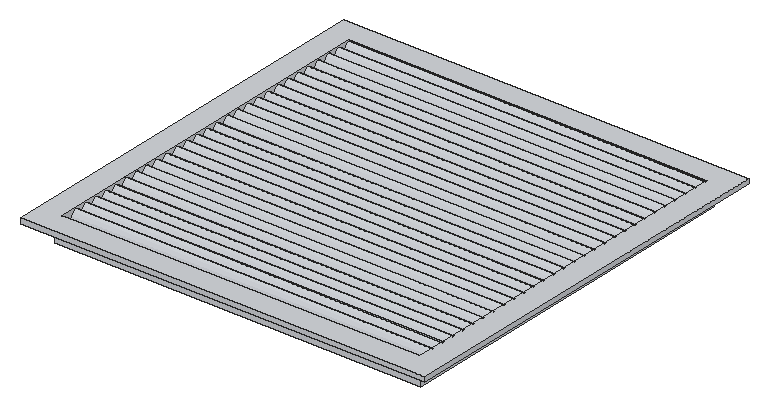
Revit family "R-1", category Air Terminals, host Face, Revit 2025
Family settings
  Host = Face
  Round Connector Dimension = Use Diameter
  Part Type = Normal
  Cut with Voids When Loaded = Yes
  Maintain Annotation Orientation = No
  Shared = No
  Room Calculation Point = No
Parameters (values of type "23RL")
  x = S - 1"  # 21 1/4"
  URL = "https://www.titus-hvac.com/products/Grilles/23RL"
  Type Comments = ""
  S - 3/4" = (S - 3/4") / 2  # 10 3/4"
  Model = "23RL"
  Manufacturer = "TITUS"
  Flow [instance] = 0 CFM
  D' [instance] = D / 2  # 8"
  S - 1/2" = (S - 1/2") / 2  # 10 7/8"
  S + 1 3/4" = (S + 1 3/4") / 2  # 12"
  S = 22 1/4"
  Default Elevation = 48"
  D [instance] = 16"
  Blade Count = rounddown(S / (3/4")) - 1  # 28
Reference planes (in)
  plane 1 "Center (Front/Back)": y = 0
  plane 2: z = 0
  plane 3 "Center (Left/Right)": x = 0
  plane 4: y = 10.625
  plane 5: y = -10.625
  plane 6: x = 0
  plane 7: y = 0
Forms (in)
  Sweep 1, solid, detail levels medium+fine
    path origin (0, 0, 0) x (1, 0, 0) y (0, 1, 0)
      loop
        line (-11.125, 11.125) -> (-11.125, -11.125) -> (11.125, -11.125) -> (11.125, 11.125) -> (-11.125, 11.125)
    profile origin (0, 11.125, 0) x (0, 1, 0) y (0, 0, 1)
      loop
        line (-0.5, 0.125) -> (-0.5, -1.125) -> (-0.375, -1.125) -> (-0.375, 0) -> (0.75, 0) -> (0.75, -0.15671) -> (0.875, -0.15671) -> (0.875, 0.125) -> (-0.5, 0.125)
      loop
        line (-0.33748, -0.875) -> (-0.33748, -1.17973) -> (-3.25, -1.17973) -> (-3.25, -2.75) -> (-2.69819, -2.75) -> (-2.69819, -2.625) -> (-3.125, -2.625) -> (-3.125, -1.30473) -> (-0.25, -1.30473) -> (-0.25, -0.875) -> (-0.33748, -0.875)
  Extrusion 2, void
    sketch origin (0, 0, 0) x (1, 0, 0) y (0, 1, 0)
      loop
        line (-11.625, 11.625) -> (-11.625, -11.625) -> (11.625, -11.625) -> (11.625, 11.625) -> (-11.625, 11.625)
    from -0.875 to 0.37471
Lines and regions (in)
  symbolic lines, not visible
    curve 1: line (-18.4983, 15.79612, 0) -> (19.7517, 15.79612, 0)
    curve 2: line (-18.4983, -20.95388, 0) -> (-18.4983, 15.79612, 0)
    curve 3: line (19.7517, -20.95388, 0) -> (-18.4983, -20.95388, 0)
    curve 4: line (19.7517, 15.79612, 0) -> (19.7517, -20.95388, 0)
Dimensions and locks (in)
  equal spacing: Sweep 1 sketch curve, plane 3 "Center (Left/Right)", Sweep 1 sketch curve
  equal spacing: Sweep 1 sketch curve, plane 1 "Center (Front/Back)", Sweep 1 sketch curve
  "S": Sweep 1 sketch curve to Sweep 1 sketch curve  (x2)
  "S - 3/4"": plane 1 "Center (Front/Back)" to Sweep 1 sketch curve
  "S - 1/2"": plane 1 "Center (Front/Back)" to Sweep 1 sketch curve
  "S + 1 3/4"": plane 1 "Center (Front/Back)" to Sweep 1 sketch curve
  Sweep 1 sketch curve to plane 2 = 1 1/8"
  Sweep 1 sketch curve to Sweep 1 sketch curve = 2 7/8"
  "D'": plane 1 "Center (Front/Back)" to Sweep 1 sketch curve
  Sweep 1 sketch curve to Sweep 1 sketch curve = 1/8"  (x5)
  Sweep 1 sketch curve to Sweep 1 sketch curve = 0.28171"
  equal spacing: plane 5, plane 1 "Center (Front/Back)", plane 4
  "x": plane 5 to plane 4
  aligned and locked: plane 2 to host face
  aligned and locked: level to host face
  aligned and locked: nested 1 to plane 4
  aligned and locked: plane 5 to nested 1
  aligned and locked: plane 1 "Center (Front/Back)" to nested 2
Automatic sketch dimensions
  host sketch curve to host sketch curve = 96"  (x2)
  Extrusion 2 sketch curve to plane 3 "Center (Left/Right)" = 11 5/8"
  plane 3 "Center (Left/Right)" to Extrusion 2 sketch curve = 11 5/8"
  plane 1 "Center (Front/Back)" to Extrusion 2 sketch curve = 11 5/8"
  Extrusion 2 sketch curve to plane 1 "Center (Front/Back)" = 11 5/8"
  Sweep 1 sketch curve to level = 0"
  Sweep 1 sketch curve to Sweep 1 sketch curve = 0.42681"
  Sweep 1 sketch curve to Sweep 1 sketch curve = 0.08748"
  Sweep 1 sketch curve to Sweep 1 sketch curve = 1/8"
  Sweep 1 sketch curve to level = 1.30473"
  Sweep 1 sketch curve to Sweep 1 sketch curve = 1/4"
Nested families (in)
  nested 1: "Blades" at (0, 10.625, -0.88439) x (0, -1, 0) z (0, 0, 1), type "Family2", detail levels medium+fine
    with Width 21 1/4", built-in parameter 1001306 1.7708 (stored number, unit not read), Count 28
  nested 2: "Family4" at (0, 0, 0), type "Family4", detail levels coarse
Connectors (in)
  hvac at (0, 0, -2.75), driven by "D", driven by "D", driven by "Flow"
    settings: on Sweep 1, index 1, duct flow 0 CFM, flow factor 0, pres drop 0.00 in-wg, loss coef 0, conn angle 0.00°, conn width 16", conn height 16", conn diameter 24", duct sys type 1, conn prof type 1, flow config 0, flow direction 0, loss method 4, conn ref index -1, conn util no, is conn primary yes, conn desc ""
Definition of nested family "Blades"
  Parameters (values of type "Family2")
    Width [instance] = 27.05847"
    built-in parameter 1001306 [instance] = Width  # 27.05847"
    Default Elevation = 0"
    Count [instance] = round([built-in parameter 1001306] / (3/4"))  # 36
  Reference planes (in)
    plane 1 "Center (Front/Back)": y = 0
    plane 2: z = 0
    plane 3 "Left": x = 0
    plane 4 "Right": x = 27.05847
    plane 5: x = 27.05847
  Lines and regions (in)
    reference lines
      curve 1: line (0, 0, 0) -> (27.05847, 0, 0)
  Dimensions and locks (in)
    "built-in parameter 1001306": plane 3 "Left" to plane 4 "Right"
    equal spacing: group 1, group 2, group 3, group 4, group 5, group 6, group 7, group 8, group 9, group 10, group 11, group 12, group 13, group 14, group 15, group 16, group 17, group 18, group 19, group 20, group 21, group 22, group 23, group 24, group 25, group 26, group 27, group 28, group 29, group 30, group 31, group 32, group 33, group 34, group 35, group 36  (x3)
    aligned and locked: plane 4 "Right" to curve 1
    aligned and locked: plane 1 "Center (Front/Back)" to curve 1
    aligned and locked: plane 3 "Left" to curve 1
    aligned and locked: level to plane 2
    aligned and locked: plane 5 to plane 4 "Right"
  Nested families (in)
    nested 1: "Family3" at (0, 0, 0) x (0, 1, 0) z (0, 0, 1), type "Family3"
      with Width 27.05847"
    nested 2: "Family3" at (0.75, 0, 0) x (0, 1, 0) z (0, 0, 1), type "Family3"
      with Width 27.05847"
    nested 3: "Family3" at (1.5, 0, 0) x (0, 1, 0) z (0, 0, 1), type "Family3"
      with Width 27.05847"
    nested 4: "Family3" at (2.25, 0, 0) x (0, 1, 0) z (0, 0, 1), type "Family3"
      with Width 27.05847"
    nested 5: "Family3" at (3, 0, 0) x (0, 1, 0) z (0, 0, 1), type "Family3"
      with Width 27.05847"
    nested 6: "Family3" at (3.75, 0, 0) x (0, 1, 0) z (0, 0, 1), type "Family3"
      with Width 27.05847"
    nested 7: "Family3" at (4.5, 0, 0) x (0, 1, 0) z (0, 0, 1), type "Family3"
      with Width 27.05847"
    nested 8: "Family3" at (5.25, 0, 0) x (0, 1, 0) z (0, 0, 1), type "Family3"
      with Width 27.05847"
    nested 9: "Family3" at (6, 0, 0) x (0, 1, 0) z (0, 0, 1), type "Family3"
      with Width 27.05847"
    nested 10: "Family3" at (6.75, 0, 0) x (0, 1, 0) z (0, 0, 1), type "Family3"
      with Width 27.05847"
    nested 11: "Family3" at (7.5, 0, 0) x (0, 1, 0) z (0, 0, 1), type "Family3"
      with Width 27.05847"
    nested 12: "Family3" at (8.25, 0, 0) x (0, 1, 0) z (0, 0, 1), type "Family3"
      with Width 27.05847"
    nested 13: "Family3" at (9, 0, 0) x (0, 1, 0) z (0, 0, 1), type "Family3"
      with Width 27.05847"
    nested 14: "Family3" at (9.75, 0, 0) x (0, 1, 0) z (0, 0, 1), type "Family3"
      with Width 27.05847"
    nested 15: "Family3" at (10.5, 0, 0) x (0, 1, 0) z (0, 0, 1), type "Family3"
      with Width 27.05847"
    nested 16: "Family3" at (11.25, 0, 0) x (0, 1, 0) z (0, 0, 1), type "Family3"
      with Width 27.05847"
    nested 17: "Family3" at (12, 0, 0) x (0, 1, 0) z (0, 0, 1), type "Family3"
      with Width 27.05847"
    nested 18: "Family3" at (12.75, 0, 0) x (0, 1, 0) z (0, 0, 1), type "Family3"
      with Width 27.05847"
    nested 19: "Family3" at (13.5, 0, 0) x (0, 1, 0) z (0, 0, 1), type "Family3"
      with Width 27.05847"
    nested 20: "Family3" at (14.25, 0, 0) x (0, 1, 0) z (0, 0, 1), type "Family3"
      with Width 27.05847"
    nested 21: "Family3" at (15, 0, 0) x (0, 1, 0) z (0, 0, 1), type "Family3"
      with Width 27.05847"
    nested 22: "Family3" at (15.75, 0, 0) x (0, 1, 0) z (0, 0, 1), type "Family3"
      with Width 27.05847"
    nested 23: "Family3" at (16.5, 0, 0) x (0, 1, 0) z (0, 0, 1), type "Family3"
      with Width 27.05847"
    nested 24: "Family3" at (17.25, 0, 0) x (0, 1, 0) z (0, 0, 1), type "Family3"
      with Width 27.05847"
    nested 25: "Family3" at (18, 0, 0) x (0, 1, 0) z (0, 0, 1), type "Family3"
      with Width 27.05847"
    nested 26: "Family3" at (18.75, 0, 0) x (0, 1, 0) z (0, 0, 1), type "Family3"
      with Width 27.05847"
    nested 27: "Family3" at (19.5, 0, 0) x (0, 1, 0) z (0, 0, 1), type "Family3"
      with Width 27.05847"
    nested 28: "Family3" at (20.25, 0, 0) x (0, 1, 0) z (0, 0, 1), type "Family3"
      with Width 27.05847"
    nested 29: "Family3" at (21, 0, 0) x (0, 1, 0) z (0, 0, 1), type "Family3"
      with Width 27.05847"
    nested 30: "Family3" at (21.75, 0, 0) x (0, 1, 0) z (0, 0, 1), type "Family3"
      with Width 27.05847"
    nested 31: "Family3" at (22.5, 0, 0) x (0, 1, 0) z (0, 0, 1), type "Family3"
      with Width 27.05847"
    nested 32: "Family3" at (23.25, 0, 0) x (0, 1, 0) z (0, 0, 1), type "Family3"
      with Width 27.05847"
    nested 33: "Family3" at (24, 0, 0) x (0, 1, 0) z (0, 0, 1), type "Family3"
      with Width 27.05847"
    nested 34: "Family3" at (24.75, 0, 0) x (0, 1, 0) z (0, 0, 1), type "Family3"
      with Width 27.05847"
    nested 35: "Family3" at (25.5, 0, 0) x (0, 1, 0) z (0, 0, 1), type "Family3"
      with Width 27.05847"
    nested 36: "Family3" at (26.25, 0, 0) x (0, 1, 0) z (0, 0, 1), type "Family3"
      with Width 27.05847"
  Definition of nested family "Family3"
    Parameters
      Width = 51.16047"
      Default Elevation = 0"
    Reference planes (in)
      plane 1 "Center (Front/Back)": y = 0
      plane 2: z = 0
      plane 3 "Center (Left/Right)": x = 0
      plane 4: x = -25.58024
      plane 5: x = 25.58024
      plane 6: y = 0.48061
      plane 7: y = 0
    Forms (in)
      Extrusion 1, solid
        sketch origin (0, 0, 0) x (0, 1, 0) y (0, 0, 1)
          loop
            spline (0, 0.97814) -> (0.06956, 0.94089) -> (0.13307, 0.8956) -> (0.19053, 0.84226) -> (0.24194, 0.78087) -> (0.28731, 0.71143) -> (0.32662, 0.63394) -> (0.35989, 0.54841) -> (0.38711, 0.45482) -> (0.40828, 0.35319) -> (0.4234, 0.24351) -> (0.43247, 0.12578) -> (0.4355, 0)
            line (0.4355, 0) -> (0.48061, 0)
            spline (0.48061, 0) -> (0.47971, 0.1242) -> (0.47254, 0.24097) -> (0.4591, 0.35031) -> (0.4394, 0.45221) -> (0.41343, 0.54669) -> (0.38119, 0.63374) -> (0.34268, 0.71336) -> (0.29791, 0.78555) -> (0.24686, 0.85031) -> (0.18956, 0.90763) -> (0.12598, 0.95753) -> (0.05613, 1)
            line (0.05613, 1) -> (0, 0.97814)
        from -25.58024 to 25.58024
    Dimensions and locks (in)
      equal spacing: plane 4, plane 3 "Center (Left/Right)", plane 5
      "Width": plane 4 to plane 5
      aligned and locked: plane 2 to level
      aligned and locked: Extrusion 1 to plane 4
      aligned and locked: Extrusion 1 to plane 5
      aligned and locked: plane 6 to Extrusion 1
    Automatic sketch dimensions
      Extrusion 1 sketch curve to plane 1 "Center (Front/Back)" = 0"
      Extrusion 1 sketch curve to level = 0"
      Extrusion 1 sketch curve to plane 1 "Center (Front/Back)" = 0.05613"
      Extrusion 1 sketch curve to plane 1 "Center (Front/Back)" = 0.4355"
      Extrusion 1 sketch curve to Extrusion 1 sketch curve = 0.04511"
      level to Extrusion 1 sketch curve = 0.97814"
      Extrusion 1 sketch curve to Extrusion 1 sketch curve = 0.02186"
Definition of nested family "Family4"
  Parameters
    Size = 24"
    Default Elevation = 0"
  Reference planes (in)
    plane 1 "Center (Front/Back)": y = 0
    plane 2: z = 0
    plane 3 "Center (Left/Right)": x = 0
  Lines and regions (in)
    symbolic lines
      curve 1: line (-12, 12, 0) -> (12, 12, 0)
      curve 2: line (-12, -12, 0) -> (-12, 12, 0)
      curve 3: line (12, -12, 0) -> (-12, -12, 0)
      curve 4: line (12, 12, 0) -> (12, -12, 0)
      curve 5: line (-12, 12, 0) -> (12, -12, 0)
  Dimensions and locks (in)
    equal spacing: curve 2, plane 3 "Center (Left/Right)", curve 4
    equal spacing: curve 3, plane 1 "Center (Front/Back)", curve 1
    "Size": curve 3 to curve 1
    "Size": curve 2 to curve 4
    aligned and locked: plane 2 to level
